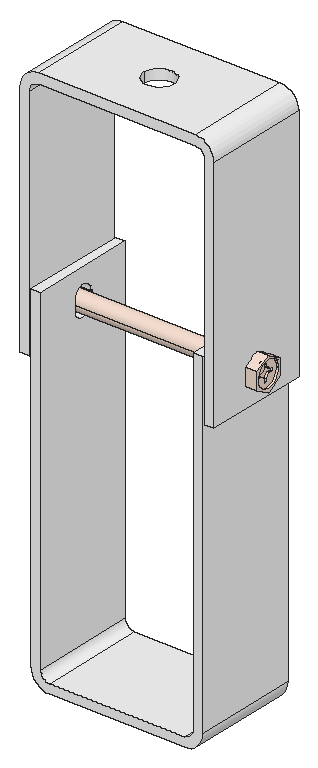
Revit family "100×50×20ボックスハンガー", category 機械設備, Revit 2020
Family settings
  丸型コネクタ寸法 = 直径を使用
  種別 = なし
  パーツ タイプ = 標準
  作業面ベース = いいえ
  常に垂直 = はい
  ロード時にボイドで切り取り = いいえ
  共有 = いいえ
  部屋計算ポイント = いいえ
Parameters
  製造元 = "株式会社桐井製作所"
  既定の高さ = 0 mm
  URL = "https://www.kirii.co.jp/"
  K_角度 [instance] = 90.00°
  K_材質 = "SGHC　一般用"
  K_品名 = "100×50×20ボックスハンガー"
  K_名称 = "その他ハンガー"
  K_入数 = "50"
  K_バージョン情報 = "20211012"
  K_めっき付着量 = "Z12"
  K_JIS規格 = "JIS G 3302"
Reference planes
  plane 1 "中心(正面/背面)": y = 0
  plane 2: z = 0
  plane 3 "中心(左/右)": x = 0
Dimensions and locks
  "K_角度": angle nested 2 to plane 2
  aligned and locked: level to plane 2
Nested families
  nested 1: "100BOXハンガー上部金具" at (0, 0, 0), type "100BOXハンガー上部金具"
  nested 2: "100BOXハンガー下部金具" at (0, 0, 0), type "100BOXハンガー下部金具"
Definition of nested family "100BOXハンガー上部金具"
  Parameters (values of type "100BOXハンガー上部金具")
    Manufacturer = "株式会社桐井製作所"
    Default Elevation = 0 mm
    URL = "https://www.kirii.co.jp/"
    K_名称 = "100ボックスハンガー上部金具"
    K_バージョン情報 = "20211012"
  Reference planes
    plane 1 "中心(正面/背面)": y = 0
    plane 2: z = 0
    plane 3 "中心(左/右)": x = 0
  Forms (mm)
    Extrusion 1, solid
      sketch origin (0, 0, 0) x (1, 0, 0) y (0, 0, 1)
        loop
          arc (-26, 75) -> (-30.384, 73.184) -> (-32.2, 68.8) r 6.2
          line (-32.2, 68.8) -> (-32.2, -10) -> (-29, -10) -> (-29, 68.8)
          arc (-29, 68.8) -> (-28.121, 70.921) -> (-26, 71.8) r 3
          line (-26, 71.8) -> (26, 71.8)
          arc (26, 71.8) -> (28.121, 70.921) -> (29, 68.8) r 3
          line (29, 68.8) -> (29, -10) -> (32.2, -10) -> (32.2, 68.8)
          arc (32.2, 68.8) -> (30.384, 73.184) -> (26, 75) r 6.2
          line (26, 75) -> (-26, 75)
      from -17.5 to 17.5
    Extrusion 2, void
      sketch origin (0, 0, 0) x (0, 1, 0) y (0, 0, 1)
        loop
          arc (3.5, 1.5) -> (0, 5) -> (-3.5, 1.5) r 3.5
          line (-3.5, 1.5) -> (-3.5, -1.5)
          arc (-3.5, -1.5) -> (0, -5) -> (3.5, -1.5) r 3.5
          line (3.5, -1.5) -> (3.5, 1.5)
      from 29 to 32.2
    Extrusion 3, void
      sketch origin (-41.2, 0, 0) x (0, 1, 0) y (0, 0, 1)
        loop
          arc (3.5, 1.5) -> (0, 5) -> (-3.5, 1.5) r 3.5
          line (-3.5, 1.5) -> (-3.5, -1.5)
          arc (-3.5, -1.5) -> (0, -5) -> (3.5, -1.5) r 3.5
          line (3.5, -1.5) -> (3.5, 1.5)
      from 9 to 12.2
    Extrusion 4, void
      sketch origin (0, 0, 0) x (1, 0, 0) y (0, 1, 0)
        loop
          circle (0, 0) r 5
      from 71.8 to 75
  Cuts and joins
    Extrusion 2, Extrusion 3, Extrusion 4 cuts Extrusion 1
  Dimensions and locks
    aligned and locked: level to plane 2
Definition of nested family "100BOXハンガー下部金具"
  Parameters (values of type "100BOXハンガー下部金具")
    Manufacturer = "株式会社桐井製作所"
    Default Elevation = 0 mm
    URL = "https://www.kirii.co.jp/"
    K_名称 = "100ボックスハンガー下部金具"
    K_バージョン情報 = "20211012"
  Reference planes
    plane 1 "中心(正面/背面)": y = 0
    plane 2: z = 0
    plane 3 "中心(左/右)": x = 0
  Forms (mm)
    Extrusion 1, solid
      sketch origin (0, 0, 10.261) x (1, 0, 0) y (0, 0, 1)
        loop
          arc (-22.35, -115.261) -> (-24.471, -114.383) -> (-25.35, -112.261) r 3
          line (-25.35, -112.261) -> (-25.35, -0.261) -> (-28.55, -0.261) -> (-28.55, -112.261)
          arc (-28.55, -112.261) -> (-26.734, -116.645) -> (-22.35, -118.461) r 6.2
          line (-22.35, -118.461) -> (22.35, -118.461)
          arc (22.35, -118.461) -> (26.734, -116.645) -> (28.55, -112.261) r 6.2
          line (28.55, -112.261) -> (28.55, -0.261) -> (25.35, -0.261) -> (25.35, -112.261)
          arc (25.35, -112.261) -> (24.471, -114.383) -> (22.35, -115.261) r 3
          line (22.35, -115.261) -> (-22.35, -115.261)
      from -17.5 to 17.5
    Extrusion 2, void
      sketch origin (0, 0, 0) x (0, 1, 0) y (0, 0, 1)
        loop
          arc (3.5, 1.5) -> (0, 5) -> (-3.5, 1.5) r 3.5
          line (-3.5, 1.5) -> (-3.5, -1.5)
          arc (-3.5, -1.5) -> (0, -5) -> (3.5, -1.5) r 3.5
          line (3.5, -1.5) -> (3.5, 1.5)
      from 25.35 to 28.55
    Extrusion 3, void
      sketch origin (-34.2, 0, 0) x (0, 1, 0) y (0, 0, 1)
        loop
          arc (3.5, 1.5) -> (0, 5) -> (-3.5, 1.5) r 3.5
          line (-3.5, 1.5) -> (-3.5, -1.5)
          arc (-3.5, -1.5) -> (0, -5) -> (3.5, -1.5) r 3.5
          line (3.5, -1.5) -> (3.5, 1.5)
      from 5.65 to 8.85
  Cuts and joins
    Extrusion 2, Extrusion 3 cuts Extrusion 1
  Dimensions and locks
    aligned and locked: level to plane 2
  Nested families
    nested 1: "M6ナット" at (-36.2, 0.011, 0) x (0, 1, 0) z (0, 0, 1), type "M6ナット"
    nested 2: "M6×70ボルト" at (32.2, 0.011, 0) x (0, 1, 0) z (0, 0, 1), type "M6×70ボルト"
  Definition of nested family "M6ナット"
    Parameters (values of type "M6ナット")
      Manufacturer = "株式会社桐井製作所"
      Default Elevation = 0 mm
      URL = "https://www.kirii.co.jp/"
      K_名称 = "M6ナット"
    Reference planes
      plane 1 "中心(正面/背面)": y = 0
      plane 2: z = 0
      plane 3 "中心(左/右)": x = 0
      plane 4 "正面": y = -4
    Forms (mm)
      Extrusion 1, solid
        sketch origin (0, 0, 0) x (1, 0, 0) y (0, 0, 1)
          loop
            line (-4.763, -2.946) -> (0, -5.696) -> (4.763, -2.946) -> (4.763, 2.554) -> (0, 5.304) -> (-4.763, 2.554) -> (-4.763, -2.946)
        from 0 to 4
      Extrusion 2, void
        sketch origin (0, 0, 0) x (1, 0, 0) y (0, 0, 1)
          loop
            circle (-0.011, -0.2) r 3
        from 0 to 4
    Cuts and joins
      Extrusion 2 cuts Extrusion 1
    Dimensions and locks
      aligned and locked: level to plane 2
  Definition of nested family "M6×70ボルト"
    Parameters (values of type "M6×70ボルト")
      Manufacturer = "株式会社桐井製作所"
      Default Elevation = 0 mm
      URL = "https://www.kirii.co.jp/"
      K_名称 = "M6×70ボルト"
    Reference planes
      plane 1 "中心(正面/背面)": y = 0
      plane 2: z = 0
      plane 3 "中心(左/右)": x = 0
      plane 4 "正面": y = -4
    Forms (mm)
      Extrusion 1, solid
        sketch origin (0, 0, 0) x (1, 0, 0) y (0, 0, 1)
          loop
            line (-4.763, -2.946) -> (0, -5.696) -> (4.763, -2.946) -> (4.763, 2.554) -> (0, 5.304) -> (-4.763, 2.554) -> (-4.763, -2.946)
        from 0 to 4
      Extrusion 2, void
        sketch origin (0, -4, 0) x (-1, 0, 0) y (0, 0, 1)
          loop
            circle (0, -0.156) r 4.396
        from 0 to 1
      Extrusion 3, void
        sketch origin (0, -4, 0) x (-1, 0, 0) y (0, 0, 1)
          loop
            arc (-0.6, 1.814) -> (-1.069, 0.856) -> (-2.036, 0.404) r 1.605
            line (-2.036, 0.404) -> (-2.939, 0.404)
            arc (-2.939, 0.404) -> (-3, -0.195) -> (-2.94, -0.795) r 3
            line (-2.94, -0.795) -> (-2.049, -0.795)
            arc (-2.049, -0.795) -> (-1.074, -1.243) -> (-0.6, -2.206) r 1.605
            line (-0.6, -2.206) -> (-0.6, -3.135)
            arc (-0.6, -3.135) -> (0, -3.196) -> (0.6, -3.135) r 3
            line (0.6, -3.135) -> (0.6, -2.206)
            arc (0.6, -2.206) -> (1.074, -1.243) -> (2.049, -0.795) r 1.605
            line (2.049, -0.795) -> (2.94, -0.795)
            arc (2.94, -0.795) -> (3, -0.198) -> (2.941, 0.398) r 3
            line (2.941, 0.398) -> (2.117, 0.398)
            arc (2.117, 0.398) -> (1.098, 0.828) -> (0.6, 1.814) r 1.605
            line (0.6, 1.814) -> (0.6, 2.743)
            arc (0.6, 2.743) -> (0, 2.804) -> (-0.6, 2.743) r 3
            line (-0.6, 2.743) -> (-0.6, 1.814)
        from 0 to 2
      Extrusion 4, solid
        sketch origin (0, 0, 0) x (1, 0, 0) y (0, 0, 1)
          loop
            circle (-0.011, -0.2) r 3
        from 0 to -70
    Cuts and joins
      Extrusion 2, Extrusion 3 cuts Extrusion 1
      joined: Extrusion 1, Extrusion 4
    Dimensions and locks
      aligned and locked: level to plane 2
